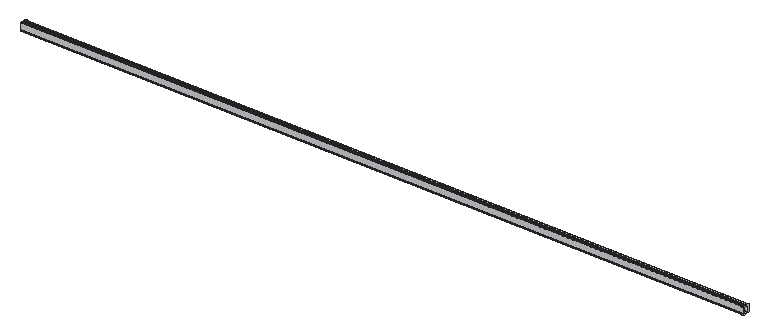
Revit family "Montageschiene 45- 60-3,0  6m fsv Langloch 2D", category HLS-Bauteile, Revit 2023
Family settings
  Bemaßung runder Anschluss = Durchmesser verwenden
  Teiletyp = Normal
  Arbeitsebenenbasiert = Ja
  Immer vertikal = Nein
  Beim Laden mit Abzugskörper schneiden = Nein
  Beschriftungsausrichtung beibehalten = Nein
  Gemeinsam genutzt = Ja
  Raumberechnungspunkt = Nein
Parameters (values of type "C-Profil 45- 60-3,0  L=6000 fsv")
  vpe = "30"
  Widerstandsmoment Wz = "7.62 cm³"
  Widerstandsmoment Wy = "6.18 cm³"
  Default Elevation = 1219.2 mm
  Trägheitsradius iz = "1.95 cm"
  Trägheitsradius iy = "2.03 cm"
  Torsionswiderstandsmoment Wt = " cm³"
  Stärke = 3 mm
  Streckgrenze = "235 N/mm²"
  Schwerpunktabstand ez = "2.25 cm"
  Schwerpunktabstand eu = "2.98 cm"
  Schwerpunktabstand eo = "3.02 cm"
  Schlitzbreite = "22 mm"
  Regelhalter [instance] = ""
  Profiltyp = "45/60"
  Profil = "C-Profil"
  Oberflaeche = "feuerstückverzinkt"
  Montagelänge [instance] = 6000 mm
  Mengeneinheit = "m"
  Materialname = "S235"
  Material = "Stahl"
  Länge = 6000 mm
  Lochdurchmesser = "18.00 mm"
  Langloch = "14.0 x 45.0 mm"
  Kurztext2 = "45 / 60 / 3 mm L= 6 m fsv"
  Kurztext1 = "Montageschiene C-Profil"
  Höhe = "60 mm"
  Gewicht pro Stück [instance] = (Gewicht * Montagelänge / (1000 mm * 1000 mm)) * 1000 mm  # 26.10 kg
  Gewicht pro Bauteil [instance] = Gewicht pro Stück  # 26.10 kg
  Gewicht = 4.35 kg
  Gesamtlänge [instance] = Montagelänge  # 6000 mm
  Gesamtgewicht [instance] = Gewicht pro Bauteil  # 26.10 kg
  Fläche (schwächster Profilquerschnitt) = 0.000452 m²
  Firma = "MEFA Befestigungs- und Montagesysteme GmbH"
  Fabrikat = "MEFA"
  Erweiterung Langloch = "18.0 mm"
  EAN = "4250928419460"
  Bund = "240 m"
  Breite = 45 mm
  Artikelnummer = "0810770"
  Anzahl Langloch [instance] = Montagelänge / 105 mm  # 57
  Abmessung = "45/60/3.0 mm"
Reference planes
  plane 1 "Mitte (Vorne/hinten)": y = 0
  plane 2: z = 0
  plane 3 "Mitte (Links/rechts)": x = 0
  plane 4: x = 6000
Forms (mm)
  Extrusion 1, solid, detail levels fine
    sketch origin (0, 0, 0) x (0, 1, 0) y (0, 0, 1)
      loop
        arc (18.5, 0) -> (21.328, 1.172) -> (22.5, 4) r 4
        line (22.5, 4) -> (22.5, 57)
        arc (22.5, 57) -> (21.621, 59.121) -> (19.5, 60) r 3
        line (19.5, 60) -> (11.993, 60)
        arc (11.993, 60) -> (11.291, 59.709) -> (11, 59.007) r 0.993
        line (11, 59.007) -> (11, 52.5) -> (14, 52.5) -> (14, 57) -> (19.5, 57) -> (19.5, 4)
        arc (19.5, 4) -> (19.207, 3.293) -> (18.5, 3) r 1
        line (18.5, 3) -> (-18.5, 3)
        arc (-18.5, 3) -> (-19.207, 3.293) -> (-19.5, 4) r 1
        line (-19.5, 4) -> (-19.5, 57) -> (-14, 57) -> (-14, 52.5) -> (-11, 52.5) -> (-11, 59.007)
        arc (-11, 59.007) -> (-11.291, 59.709) -> (-11.993, 60) r 0.993
        line (-11.993, 60) -> (-19.5, 60)
        arc (-19.5, 60) -> (-21.621, 59.121) -> (-22.5, 57) r 3
        line (-22.5, 57) -> (-22.5, 4)
        arc (-22.5, 4) -> (-21.328, 1.172) -> (-18.5, 0) r 4
        line (-18.5, 0) -> (18.5, 0)
    from 0 to 6000
  Extrusion 2, solid, detail levels medium
    sketch origin (0, 0, 0) x (0, 1, 0) y (0, 0, 1)
      loop
        line (22.5, 0) -> (22.5, 60) -> (11, 60) -> (11, 52.5) -> (14, 52.5) -> (14, 57) -> (19.5, 57) -> (19.5, 3) -> (-19.5, 3) -> (-19.5, 57) -> (-14, 57) -> (-14, 52.5) -> (-11, 52.5) -> (-11, 60) -> (-22.5, 60) -> (-22.5, 0) -> (22.5, 0)
    from 0 to 6000
  Extrusion 3, solid, detail levels coarse
    sketch origin (0, 0, 0) x (0, 1, 0) y (0, 0, 1)
      loop
        line (22.5, 0) -> (22.5, 60) -> (-22.5, 60) -> (-22.5, 0) -> (22.5, 0)
    from 0 to 6000
Dimensions and locks
  "Montagelänge": plane 4 to plane 3 "Mitte (Links/rechts)"
  equal spacing: group 1, group 2, group 3, group 4, group 5, group 6, group 7, group 8, group 9, group 10, group 11, group 12, group 13, group 14, group 15, group 16, group 17, group 18, group 19, group 20, group 21, group 22, group 23, group 24, group 25, group 26, group 27, group 28, group 29, group 30, group 31, group 32, group 33, group 34, group 35, group 36, group 37, group 38, group 39, group 40, group 41, group 42, group 43, group 44, group 45, group 46, group 47, group 48, group 49, group 50, group 51, group 52, group 53, group 54, group 55, group 56, group 57  (x3)
  aligned and locked: level to plane 2
  aligned and locked: Extrusion 1 to plane 3 "Mitte (Links/rechts)"
  aligned and locked: plane 4 to Extrusion 1
  aligned and locked: Extrusion 1 to plane 4
  aligned and locked: plane 4 to Extrusion 2
  aligned and locked: plane 4 to Extrusion 3
  aligned and locked: plane 3 "Mitte (Links/rechts)" to Extrusion 1
  aligned and locked: Extrusion 2 to plane 3 "Mitte (Links/rechts)"
  aligned and locked: Extrusion 3 to plane 3 "Mitte (Links/rechts)"
  aligned and locked: nested 1 to plane 1 "Mitte (Vorne/hinten)"
Automatic sketch dimensions
  Extrusion 1 sketch curve to Extrusion 1 sketch curve = 0 mm  (x9)
  Extrusion 1 sketch curve to level = 0 mm
  level to Extrusion 1 sketch curve = 4 mm  (x2)
  plane 1 "Mitte (Vorne/hinten)" to Extrusion 1 sketch curve = 22.5 mm
  Extrusion 1 sketch curve to Extrusion 1 sketch curve = 3 mm  (x2)
  Extrusion 1 sketch curve to Extrusion 1 sketch curve = 5.5 mm
  Extrusion 1 sketch curve to Extrusion 1 sketch curve = 2.007 mm  (x2)
  Extrusion 1 sketch curve to plane 1 "Mitte (Vorne/hinten)" = 11 mm
  Extrusion 1 sketch curve to Extrusion 1 sketch curve = 0.993 mm
  Extrusion 1 sketch curve to plane 1 "Mitte (Vorne/hinten)" = 18.5 mm
  Extrusion 1 sketch curve to Extrusion 1 sketch curve = 48.5 mm
  Extrusion 1 sketch curve to Extrusion 1 sketch curve = 4.5 mm  (x2)
  level to Extrusion 2 sketch curve = 0 mm
  plane 1 "Mitte (Vorne/hinten)" to Extrusion 2 sketch curve = 22.5 mm
  Extrusion 2 sketch curve to Extrusion 2 sketch curve = 3 mm  (x6)
  Extrusion 2 sketch curve to plane 1 "Mitte (Vorne/hinten)" = 11 mm
  Extrusion 2 sketch curve to Extrusion 2 sketch curve = 0 mm
  Extrusion 2 sketch curve to Extrusion 2 sketch curve = 4.5 mm  (x2)
  Extrusion 2 sketch curve to Extrusion 2 sketch curve = 5.5 mm
  level to Extrusion 2 sketch curve = 3 mm
  Extrusion 2 sketch curve to plane 1 "Mitte (Vorne/hinten)" = 19.5 mm
  Extrusion 2 sketch curve to Extrusion 2 sketch curve = 49.5 mm
  Extrusion 3 sketch curve to level = 0 mm
  plane 1 "Mitte (Vorne/hinten)" to Extrusion 3 sketch curve = 22.5 mm
  Extrusion 3 sketch curve to plane 1 "Mitte (Vorne/hinten)" = 22.5 mm
  Extrusion 3 sketch curve to Extrusion 3 sketch curve = 60 mm
Nested families
  nested 1: "Langloch 14 x 45 18 2D" at (52.498, 0, 0) x (1, 0, 0) z (0, 0, -1), type "Langloch 14 x 45 18 2D", detail levels fine
  nested 2: "Langloch 14 x 45 18 2D" at (157.498, 0, 0) x (1, 0, 0) z (0, 0, -1), type "Langloch 14 x 45 18 2D", detail levels fine
  nested 3: "Langloch 14 x 45 18 2D" at (262.498, 0, 0) x (1, 0, 0) z (0, 0, -1), type "Langloch 14 x 45 18 2D", detail levels fine
  nested 4: "Langloch 14 x 45 18 2D" at (367.498, 0, 0) x (1, 0, 0) z (0, 0, -1), type "Langloch 14 x 45 18 2D", detail levels fine
  nested 5: "Langloch 14 x 45 18 2D" at (472.498, 0, 0) x (1, 0, 0) z (0, 0, -1), type "Langloch 14 x 45 18 2D", detail levels fine
  nested 6: "Langloch 14 x 45 18 2D" at (577.498, 0, 0) x (1, 0, 0) z (0, 0, -1), type "Langloch 14 x 45 18 2D", detail levels fine
  nested 7: "Langloch 14 x 45 18 2D" at (682.498, 0, 0) x (1, 0, 0) z (0, 0, -1), type "Langloch 14 x 45 18 2D", detail levels fine
  nested 8: "Langloch 14 x 45 18 2D" at (787.498, 0, 0) x (1, 0, 0) z (0, 0, -1), type "Langloch 14 x 45 18 2D", detail levels fine
  nested 9: "Langloch 14 x 45 18 2D" at (892.498, 0, 0) x (1, 0, 0) z (0, 0, -1), type "Langloch 14 x 45 18 2D", detail levels fine
  nested 10: "Langloch 14 x 45 18 2D" at (997.498, 0, 0) x (1, 0, 0) z (0, 0, -1), type "Langloch 14 x 45 18 2D", detail levels fine
  nested 11: "Langloch 14 x 45 18 2D" at (1102.498, 0, 0) x (1, 0, 0) z (0, 0, -1), type "Langloch 14 x 45 18 2D", detail levels fine
  nested 12: "Langloch 14 x 45 18 2D" at (1207.498, 0, 0) x (1, 0, 0) z (0, 0, -1), type "Langloch 14 x 45 18 2D", detail levels fine
  nested 13: "Langloch 14 x 45 18 2D" at (1312.498, 0, 0) x (1, 0, 0) z (0, 0, -1), type "Langloch 14 x 45 18 2D", detail levels fine
  nested 14: "Langloch 14 x 45 18 2D" at (1417.498, 0, 0) x (1, 0, 0) z (0, 0, -1), type "Langloch 14 x 45 18 2D", detail levels fine
  nested 15: "Langloch 14 x 45 18 2D" at (1522.498, 0, 0) x (1, 0, 0) z (0, 0, -1), type "Langloch 14 x 45 18 2D", detail levels fine
  nested 16: "Langloch 14 x 45 18 2D" at (1627.498, 0, 0) x (1, 0, 0) z (0, 0, -1), type "Langloch 14 x 45 18 2D", detail levels fine
  nested 17: "Langloch 14 x 45 18 2D" at (1732.498, 0, 0) x (1, 0, 0) z (0, 0, -1), type "Langloch 14 x 45 18 2D", detail levels fine
  nested 18: "Langloch 14 x 45 18 2D" at (1837.498, 0, 0) x (1, 0, 0) z (0, 0, -1), type "Langloch 14 x 45 18 2D", detail levels fine
  nested 19: "Langloch 14 x 45 18 2D" at (1942.498, 0, 0) x (1, 0, 0) z (0, 0, -1), type "Langloch 14 x 45 18 2D", detail levels fine
  nested 20: "Langloch 14 x 45 18 2D" at (2047.498, 0, 0) x (1, 0, 0) z (0, 0, -1), type "Langloch 14 x 45 18 2D", detail levels fine
  nested 21: "Langloch 14 x 45 18 2D" at (2152.498, 0, 0) x (1, 0, 0) z (0, 0, -1), type "Langloch 14 x 45 18 2D", detail levels fine
  nested 22: "Langloch 14 x 45 18 2D" at (2257.498, 0, 0) x (1, 0, 0) z (0, 0, -1), type "Langloch 14 x 45 18 2D", detail levels fine
  nested 23: "Langloch 14 x 45 18 2D" at (2362.498, 0, 0) x (1, 0, 0) z (0, 0, -1), type "Langloch 14 x 45 18 2D", detail levels fine
  nested 24: "Langloch 14 x 45 18 2D" at (2467.498, 0, 0) x (1, 0, 0) z (0, 0, -1), type "Langloch 14 x 45 18 2D", detail levels fine
  nested 25: "Langloch 14 x 45 18 2D" at (2572.498, 0, 0) x (1, 0, 0) z (0, 0, -1), type "Langloch 14 x 45 18 2D", detail levels fine
  nested 26: "Langloch 14 x 45 18 2D" at (2677.498, 0, 0) x (1, 0, 0) z (0, 0, -1), type "Langloch 14 x 45 18 2D", detail levels fine
  nested 27: "Langloch 14 x 45 18 2D" at (2782.498, 0, 0) x (1, 0, 0) z (0, 0, -1), type "Langloch 14 x 45 18 2D", detail levels fine
  nested 28: "Langloch 14 x 45 18 2D" at (2887.498, 0, 0) x (1, 0, 0) z (0, 0, -1), type "Langloch 14 x 45 18 2D", detail levels fine
  nested 29: "Langloch 14 x 45 18 2D" at (2992.498, 0, 0) x (1, 0, 0) z (0, 0, -1), type "Langloch 14 x 45 18 2D", detail levels fine
  nested 30: "Langloch 14 x 45 18 2D" at (3097.498, 0, 0) x (1, 0, 0) z (0, 0, -1), type "Langloch 14 x 45 18 2D", detail levels fine
  nested 31: "Langloch 14 x 45 18 2D" at (3202.498, 0, 0) x (1, 0, 0) z (0, 0, -1), type "Langloch 14 x 45 18 2D", detail levels fine
  nested 32: "Langloch 14 x 45 18 2D" at (3307.498, 0, 0) x (1, 0, 0) z (0, 0, -1), type "Langloch 14 x 45 18 2D", detail levels fine
  nested 33: "Langloch 14 x 45 18 2D" at (3412.498, 0, 0) x (1, 0, 0) z (0, 0, -1), type "Langloch 14 x 45 18 2D", detail levels fine
  nested 34: "Langloch 14 x 45 18 2D" at (3517.498, 0, 0) x (1, 0, 0) z (0, 0, -1), type "Langloch 14 x 45 18 2D", detail levels fine
  nested 35: "Langloch 14 x 45 18 2D" at (3622.498, 0, 0) x (1, 0, 0) z (0, 0, -1), type "Langloch 14 x 45 18 2D", detail levels fine
  nested 36: "Langloch 14 x 45 18 2D" at (3727.498, 0, 0) x (1, 0, 0) z (0, 0, -1), type "Langloch 14 x 45 18 2D", detail levels fine
  nested 37: "Langloch 14 x 45 18 2D" at (3832.498, 0, 0) x (1, 0, 0) z (0, 0, -1), type "Langloch 14 x 45 18 2D", detail levels fine
  nested 38: "Langloch 14 x 45 18 2D" at (3937.498, 0, 0) x (1, 0, 0) z (0, 0, -1), type "Langloch 14 x 45 18 2D", detail levels fine
  nested 39: "Langloch 14 x 45 18 2D" at (4042.498, 0, 0) x (1, 0, 0) z (0, 0, -1), type "Langloch 14 x 45 18 2D", detail levels fine
  nested 40: "Langloch 14 x 45 18 2D" at (4147.498, 0, 0) x (1, 0, 0) z (0, 0, -1), type "Langloch 14 x 45 18 2D", detail levels fine
  nested 41: "Langloch 14 x 45 18 2D" at (4252.498, 0, 0) x (1, 0, 0) z (0, 0, -1), type "Langloch 14 x 45 18 2D", detail levels fine
  nested 42: "Langloch 14 x 45 18 2D" at (4357.498, 0, 0) x (1, 0, 0) z (0, 0, -1), type "Langloch 14 x 45 18 2D", detail levels fine
  nested 43: "Langloch 14 x 45 18 2D" at (4462.498, 0, 0) x (1, 0, 0) z (0, 0, -1), type "Langloch 14 x 45 18 2D", detail levels fine
  nested 44: "Langloch 14 x 45 18 2D" at (4567.498, 0, 0) x (1, 0, 0) z (0, 0, -1), type "Langloch 14 x 45 18 2D", detail levels fine
  nested 45: "Langloch 14 x 45 18 2D" at (4672.498, 0, 0) x (1, 0, 0) z (0, 0, -1), type "Langloch 14 x 45 18 2D", detail levels fine
  nested 46: "Langloch 14 x 45 18 2D" at (4777.498, 0, 0) x (1, 0, 0) z (0, 0, -1), type "Langloch 14 x 45 18 2D", detail levels fine
  nested 47: "Langloch 14 x 45 18 2D" at (4882.498, 0, 0) x (1, 0, 0) z (0, 0, -1), type "Langloch 14 x 45 18 2D", detail levels fine
  nested 48: "Langloch 14 x 45 18 2D" at (4987.498, 0, 0) x (1, 0, 0) z (0, 0, -1), type "Langloch 14 x 45 18 2D", detail levels fine
  nested 49: "Langloch 14 x 45 18 2D" at (5092.498, 0, 0) x (1, 0, 0) z (0, 0, -1), type "Langloch 14 x 45 18 2D", detail levels fine
  nested 50: "Langloch 14 x 45 18 2D" at (5197.498, 0, 0) x (1, 0, 0) z (0, 0, -1), type "Langloch 14 x 45 18 2D", detail levels fine
  nested 51: "Langloch 14 x 45 18 2D" at (5302.498, 0, 0) x (1, 0, 0) z (0, 0, -1), type "Langloch 14 x 45 18 2D", detail levels fine
  nested 52: "Langloch 14 x 45 18 2D" at (5407.498, 0, 0) x (1, 0, 0) z (0, 0, -1), type "Langloch 14 x 45 18 2D", detail levels fine
  nested 53: "Langloch 14 x 45 18 2D" at (5512.498, 0, 0) x (1, 0, 0) z (0, 0, -1), type "Langloch 14 x 45 18 2D", detail levels fine
  nested 54: "Langloch 14 x 45 18 2D" at (5617.498, 0, 0) x (1, 0, 0) z (0, 0, -1), type "Langloch 14 x 45 18 2D", detail levels fine
  nested 55: "Langloch 14 x 45 18 2D" at (5722.498, 0, 0) x (1, 0, 0) z (0, 0, -1), type "Langloch 14 x 45 18 2D", detail levels fine
  nested 56: "Langloch 14 x 45 18 2D" at (5827.498, 0, 0) x (1, 0, 0) z (0, 0, -1), type "Langloch 14 x 45 18 2D", detail levels fine
  nested 57: "Langloch 14 x 45 18 2D" at (5932.498, 0, 0) x (1, 0, 0) z (0, 0, -1), type "Langloch 14 x 45 18 2D", detail levels fine
Definition of nested family "Langloch 14 x 45 18 2D"
  Parameters (values of type "Langloch 14 x 45 18 2D")
    Default Elevation = 1219.2 mm
  Reference planes
    plane 1 "Mitte (Vorne/hinten)": y = 0
    plane 2: z = 0
    plane 3 "Mitte (Links/rechts)": x = 0
  Forms (mm)
    Extrusion 1, solid
      sketch origin (0, 0, 0) x (1, 0, 0) y (0, 1, 0)
        loop
          line (-1219.2, 1219.2) -> (-1219.2, -1219.2) -> (1219.2, -1219.2) -> (1219.2, 1219.2) -> (-1219.2, 1219.2)
      from 0 to -304.8
  Lines and regions (mm)
    model lines
      curve 1: line (-15.498, 7, 0) -> (-5.645, 7, 0)
      curve 2: line (-15.498, -7, 0) -> (-5.645, -7, 0)
      curve 3: arc (15.692, 6.997, 0) -> (22.502, 0, 0) -> (15.692, -6.997, 0) r 7
      curve 6: arc (-15.498, 7, 0) -> (-22.498, 0, 0) -> (-15.498, -7, 0) r 7
      curve 7: line (-15.692, 7.5, 0) -> (-15.692, -7.5, 0)
      curve 8: line (-24.531, 0, 0) -> (24.555, 0, 0)
      curve 9: circle (52.502, 0, 0) r 9 normal (0, 0, 1)
      curve 10: line (52.502, 11, 0) -> (52.502, -11, 0)
      curve 12: line (42.937, 0, 0) -> (62.034, 0, 0)
      curve 13: arc (5.672, 6.997, 0) -> (0.014, 9, 0) -> (-5.645, 7, 0) r 9
      curve 14: line (15.692, 6.997, 0) -> (5.672, 6.997, 0)
      curve 15: line (15.692, -6.997, 0) -> (5.672, -6.997, 0)
      curve 16: arc (5.672, -6.997, 0) -> (0.014, -9, 0) -> (-5.645, -7, 0) r 9
      curve 17: line (0, 11, 0) -> (0, -11, 0)
      curve 19: line (15, 7.5, 0) -> (15, -7.5, 0)
    model lines, detail levels fine
      curve 4: line (-15.692, 0, 10) -> (-15.692, 0, -10)
      curve 5: line (15.692, 0, 10) -> (15.692, 0, -10)
      curve 11: line (52.502, 0, 10) -> (52.502, 0, -10)
      curve 18: line (0.014, 0, 10) -> (0.014, 0, -10)
  Dimensions and locks
    aligned and locked: plane 2 to Extrusion 1
    aligned and locked: level to Extrusion 1
    aligned and locked: curve 17 to plane 3 "Mitte (Links/rechts)"
